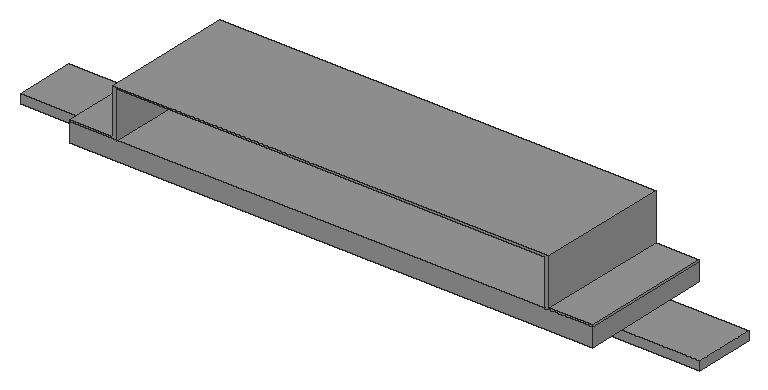
Revit family "Im-Beton-Kanalsystem_IBK_Verbindungselement_38_mm", category Generic Models, Revit 2015
Parameters (values of type "IBVE 35038")
  Width 2 = Width + 7 mm  # 357 mm
  Width = 350 mm
  URL = "http://www.obo-bettermann.com"
  Outer width = Width + 78 mm  # 428 mm
  Material = Steel, Galvanized
  Manufacturer Art. No. = "7399896"
  Manufacturer = "OBO Bettermann"
  Height = 38 mm
  GTIN = "4012196331857\r\n4012196331857"
  Article Type = "IBVE 35038"
Types (3, lengths in mm): name | Width 2 | Width | Outer width | Manufacturer Art. No. | GTIN | Article Type
  (no name) | 357 | 350 | 428 | "7399896" | "4012196331857\r\n4012196331857" | "IBVE 35038"
  IBVE 35038 | 357 | 350 | 428 | "7399896" | "4012196331857\r\n4012196331857" | "IBVE 35038"
  IBVE 25038 | 257 | 250 | 328 | "7399890" | "4012196331833\r\n\r\n4012196331833\r\n4012196331833\r\n4012196331789" | "IBVE 25038"
Reference planes
  plane 1 "Center (Front/Back)": y = 0
  plane 2: z = 0
  plane 3 "Center (Left/Right)": x = 0
  plane 4: z = 22.4
  plane 5: z = 7.4
  plane 6: z = 60.4
  plane 7: y = 54.5
  plane 8: y = -54.5
  plane 9: x = 175
  plane 10: x = -175
  plane 11: x = 178.5
  plane 12: x = -178.5
  plane 13: z = 61.8
  plane 14: z = 23.8
  plane 15: x = 214
  plane 16: x = -214
  plane 17: x = 278
  plane 18: x = -278
  plane 19: y = 25
  plane 20: y = -25
Forms (mm)
  Extrusion 1, solid, material "Steel, Galvanized" <- "Material"
    sketch origin (0, 0, 0) x (1, 0, 0) y (0, 0, 1)
      loop
        line (175, 60.4) -> (175, 22.4) -> (214, 22.4) -> (214, 23.8) -> (178.5, 23.8) -> (178.5, 61.8) -> (-178.5, 61.8) -> (-178.5, 23.8) -> (-214, 23.8) -> (-214, 22.4) -> (-175, 22.4) -> (-175, 60.4) -> (175, 60.4)
    from -54.5 to 54.5
  Extrusion 2, solid, material "Steel, Galvanized" <- "Material"
    sketch origin (0, 0, 0) x (1, 0, 0) y (0, 0, 1)
      loop
        line (214, 22.4) -> (-214, 22.4) -> (-214, 7.4) -> (214, 7.4) -> (214, 22.4)
    from -54.5 to 54.5
  Extrusion 3, solid, material "Steel, Galvanized" <- "Material"
    sketch origin (0, 0, 0) x (1, 0, 0) y (0, 0, 1)
      loop
        line (178.5, 7.4) -> (178.5, 0) -> (278, 0) -> (278, 7.4) -> (178.5, 7.4)
      loop
        line (-278, 7.4) -> (-278, 0) -> (-178.5, 0) -> (-178.5, 7.4) -> (-278, 7.4)
    from -25 to 25
Lines and regions (mm)
  model lines
    curve 1: line (175, 0, 22.4) -> (175, 0, 60.4)
    curve 2: line (175, 0, 60.4) -> (-175, 0, 60.4)
    curve 3: line (-175, 0, 60.4) -> (-175, 0, 22.4)
    curve 4: line (178.5, 0, 61.8) -> (178.5, 0, 23.8)
    curve 5: line (178.5, 0, 61.8) -> (-178.5, 0, 61.8)
    curve 6: line (-178.5, 0, 61.8) -> (-178.5, 0, 23.8)
    curve 7: line (178.5, 0, 23.8) -> (214, 0, 23.8)
    curve 8: line (214, 0, 23.8) -> (214, 0, 22.4)
    curve 9: line (214, 0, 22.4) -> (175, 0, 22.4)
    curve 10: line (-178.5, 0, 23.8) -> (-214, 0, 23.8)
    curve 11: line (-214, 0, 23.8) -> (-214, 0, 22.4)
    curve 12: line (-214, 0, 22.4) -> (-175, 0, 22.4)
    curve 13: line (214, 0, 22.4) -> (-214, 0, 22.4)
    curve 14: line (-214, 0, 22.4) -> (-214, 0, 7.4)
    curve 15: line (-214, 0, 7.4) -> (214, 0, 7.4)
    curve 16: line (214, 0, 7.4) -> (214, 0, 22.4)
    curve 17: line (178.5, 0, 7.4) -> (278, 0, 7.4)
    curve 18: line (278, 0, 7.4) -> (278, 0, 0)
    curve 19: line (278, 0, 0) -> (178.5, 0, 0)
    curve 20: line (178.5, 0, 0) -> (178.5, 0, 7.4)
    curve 21: line (-178.5, 0, 7.4) -> (-178.5, 0, 0)
    curve 22: line (-178.5, 0, 0) -> (-278, 0, 0)
    curve 23: line (-278, 0, 0) -> (-278, 0, 7.4)
    curve 24: line (-278, 0, 7.4) -> (-178.5, 0, 7.4)
Dimensions and locks
  locked: level to plane 5 at 7.4
  locked: plane 7 to plane 8 at 109
  equal spacing: plane 7, plane 1 "Center (Front/Back)", plane 8
  equal spacing: plane 10, plane 3 "Center (Left/Right)", plane 9
  "Width": plane 10 to plane 9
  equal spacing: plane 12, plane 3 "Center (Left/Right)", plane 11
  "Width 2": plane 12 to plane 11
  "Height": plane 4 to plane 6
  locked: plane 6 to plane 13 at 1.4
  locked: plane 4 to plane 14 at 1.4
  locked: plane 5 to plane 4 at 15
  equal spacing: plane 15, plane 3 "Center (Left/Right)", plane 16
  "Outer width": plane 16 to plane 15
  locked: plane 15 to plane 17 at 64
  locked: plane 18 to plane 16 at 64
  equal spacing: plane 19, plane 1 "Center (Front/Back)", plane 20
  locked: plane 19 to plane 20 at 50
  aligned and locked: level to plane 2
  aligned and locked: curve 1 to plane 9
  aligned and locked: plane 6 to curve 2
  aligned and locked: plane 10 to curve 3
  aligned and locked: plane 11 to curve 4
  aligned and locked: plane 13 to curve 5
  aligned and locked: plane 12 to curve 6
  aligned and locked: curve 7 to plane 14
  aligned and locked: curve 8 to plane 15
  aligned and locked: plane 4 to curve 9
  aligned and locked: plane 14 to curve 10
  aligned and locked: plane 16 to curve 11
  aligned and locked: curve 12 to plane 4
  aligned and locked: Extrusion 1 sketch curve to curve 2
  aligned and locked: Extrusion 1 sketch curve to curve 1
  aligned and locked: Extrusion 1 sketch curve to curve 9
  aligned and locked: Extrusion 1 sketch curve to curve 8
  aligned and locked: Extrusion 1 sketch curve to curve 7
  aligned and locked: Extrusion 1 sketch curve to curve 4
  aligned and locked: Extrusion 1 sketch curve to curve 5
  aligned and locked: Extrusion 1 sketch curve to curve 6
  aligned and locked: Extrusion 1 sketch curve to curve 3
  aligned and locked: Extrusion 1 sketch curve to curve 12
  aligned and locked: Extrusion 1 sketch curve to curve 11
  aligned and locked: Extrusion 1 sketch curve to curve 10
  aligned and locked: plane 7 to Extrusion 1
  aligned and locked: Extrusion 1 to plane 8
  aligned and locked: curve 11 to curve 14
  aligned and locked: curve 15 to plane 5
  aligned and locked: plane 15 to curve 16
  aligned and locked: Extrusion 2 sketch curve to curve 13
  aligned and locked: Extrusion 2 sketch curve to curve 16
  aligned and locked: Extrusion 2 sketch curve to curve 15
  aligned and locked: Extrusion 2 sketch curve to curve 14
  aligned and locked: plane 7 to Extrusion 2
  aligned and locked: Extrusion 2 to plane 8
  aligned and locked: curve 17 to plane 5
  aligned and locked: plane 17 to curve 18
  aligned and locked: plane 2 to curve 19
  aligned and locked: curve 20 to plane 11
  aligned and locked: plane 12 to curve 21
  aligned and locked: plane 2 to curve 22
  aligned and locked: curve 23 to plane 18
  aligned and locked: curve 24 to plane 5
  aligned and locked: Extrusion 3 sketch curve to curve 17
  aligned and locked: Extrusion 3 sketch curve to curve 18
  aligned and locked: Extrusion 3 sketch curve to curve 19
  aligned and locked: Extrusion 3 sketch curve to curve 20
  aligned and locked: Extrusion 3 sketch curve to curve 24
  aligned and locked: Extrusion 3 sketch curve to curve 21
  aligned and locked: Extrusion 3 sketch curve to curve 22
  aligned and locked: Extrusion 3 sketch curve to curve 23
  aligned and locked: plane 19 to Extrusion 3
  aligned and locked: Extrusion 3 to plane 20
